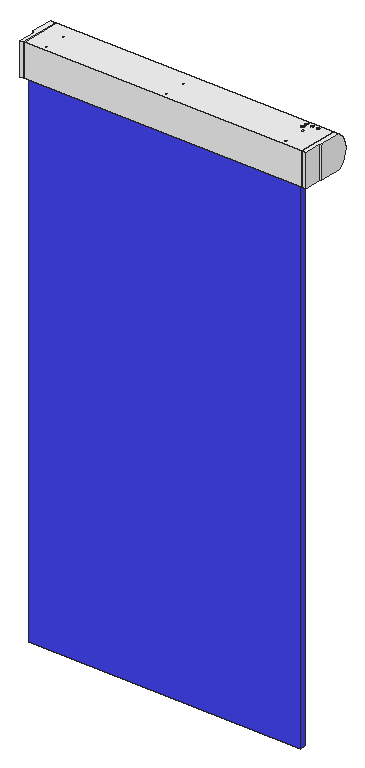
Revit family "Thermoscreens_AirCurtain_PHV2000NT", category Mechanical Equipment, Revit 2015
Parameters (values of type "PHV2000W NT (82/71)")
  Y = UnitHeight / 2  # 158.5 mm
  X = UnitLength / 2  # 1100 mm
  Weight = "64kg"
  Warranty = "the unit is covered for 2 years from the date of purchase unless the warranty is made void."
  Version = "1.0"
  UnitWidth = 255 mm
  UnitLength = 2200 mm
  UnitHeight = 317 mm
  URL = "http://www.thermoscreens.com/"
  Type Comments = "n/a"
  TempertureClassification = "Low temperture"
  Supply(50Hz) = "230V~1P&N"
  RightHand = no
  ProductURL = "http://www.thermoscreens.com/our-air-curtain-range/air-curtain-phv-"
  Model = "PHV2000 WNT (82/71)"
  MaxiumMountingHeight = "maxium mounting height upto 4m"
  Max.Velocity(m/s) = "11"
  Max.AirVolume(m3/h) = "5760"
  Material = "20g bondcoat"
  Manufacturer = "Thermoscreens ltd"
  Loading(A)*PerPhase = "2.7"
  LeftHand = yes
  Keynote = "n/a"
  Help = "http://www.thermoscreens.com/contact-us"
  HeatSource = "Electric heated element or low pressure wait coil"
  Heat Output = "24"
  Finish = "pre painted RAL9010"
  Description = "Thermoscreens PHV range of air curtains will provide climate separation and available in standard widths of 1, 1.5 and 2m.  Models available are ambient (without heating), electrical or water heated versions. Water heated (LPHW) versions are available with 2 and 3 row coils. Motorised three port valves are supplied as standard with all LPHW models. Electrical and LPHW models are supplied complete with Ecopower control."
  Cost = 0
  Author = "Thermoscreens ltd"
  Assembly Code = "n/a"
  **dB(A)@3mMed = "59"
  **dB(A)@3mLow = "58"
  **dB(A)@3mHigh = "61"
Types (5, lengths in mm): name | Weight | Supply(50Hz) | Model | Max.Velocity(m/s) | Loading(A)*PerPhase | Heat Output
  (no name) | "64kg" | "230V~1P&N" | "PHV2000 WNT (82/71)" | "11" | "2.7" | "24"
  PHV2000E NT | "62kg" | "400V~3P&N" | "PHV2000 ENT" | "12.0" | "37.5" | "12-24(kW)"
  PHV2000A NT | "58kg" | "230V~1P&N" | "PHV2000 ANT" | "12.0" | "2.7" | "N/A"
  PHV2000W NT (82/71) | "64kg" | "230V~1P&N" | "PHV2000 WNT (82/71)" | "11" | "2.7" | "24"
  PHV2000W NT (60/40) | "64kg" | "230V~1P&N" | "PHV2000 WNT (60/40)" | "11" | "2.7" | "24"
Reference planes
  plane 1 "Center (Front/Back)": y = 0
  plane 2: z = 0
  plane 3 "Center (Left/Right)": x = 0
Forms (mm)
  Extrusion 1, solid, material "Default"
    sketch origin (0, 0, 0) x (1, 0, 0) y (0, 1, 0)
      loop
        line (-1100, 158.5) -> (-1100, -158.5) -> (1100, -158.5) -> (1100, 158.5) -> (-1100, 158.5)
    from 0 to -0.9
  Extrusion 2, solid, material "Default"
    sketch origin (1100, -158.5, 0) x (-1, 0, 0) y (0, 0, -1)
      loop
        line (2200, 0.9) -> (0, 0.9) -> (0, -254.1) -> (2200, -254.1) -> (2200, 0.9)
    from 0 to 0.9
  Extrusion 3, solid, material "Default"
    sketch origin (-1100, -157.6, 254.1) x (1, 0, 0) y (0, 1, 0)
      loop
        line (0, -0.9) -> (2200, -0.9) -> (2200, 316.1) -> (0, 316.1) -> (0, -0.9)
    from 0 to -0.9
  Extrusion 4, solid, material "Default"
    sketch origin (1100, -158.5, 254.1) x (0, 1, 0) y (0, 0, 1)
      loop
        line (317, 0) -> (317, -255) -> (347, -220)
        arc (347, -220) -> (377, -127.5) -> (347, -35) r 157.604
        line (347, -35) -> (317, 0)
    from 0 to -2200
  Extrusion 5, solid, material "Default"
    sketch origin (1100, -158.5, 254.1) x (0, 0, -1) y (0, 1, 0)
      loop
        line (35, 347) -> (0, 317) -> (0, -0.9) -> (255, -0.9) -> (255, 317) -> (220, 347)
        arc (220, 347) -> (127.5, 377) -> (35, 347) r 157.604
    from 0 to 30
  Extrusion 6, solid, material "Default"
    sketch origin (1130, -158.5, 254.1) x (0, 0, -1) y (0, 1, 0)
      loop
        line (255, 317) -> (220, 347)
        arc (220, 347) -> (127.5, 377) -> (35, 347) r 157.604
        line (35, 347) -> (0, 317) -> (0, 129.1) -> (255, 129.1) -> (255, 317)
    from 0 to 13
  Extrusion 7, void
    sketch origin (1130, 158.5, 254.1) x (1, 0, 0) y (0, -1, 0)
      loop
        line (0, 187.9) -> (13, 174.9) -> (13, 187.9) -> (0, 187.9)
    from 0 to 255
  Extrusion 8, solid, material "Default"
    sketch origin (-1100, -158.5, -0.9) x (0, 0, 1) y (0, 1, 0)
      loop
        line (35, 347) -> (0, 317) -> (0, -0.9) -> (255, -0.9) -> (255, 317) -> (220, 347)
        arc (220, 347) -> (127.5, 377) -> (35, 347) r 157.604
    from 0 to 30
  Extrusion 9, solid, material "Default"
    sketch origin (-1130, -158.5, -0.9) x (0, 0, 1) y (0, 1, 0)
      loop
        line (255, 317) -> (220, 347)
        arc (220, 347) -> (127.5, 377) -> (35, 347) r 157.604
        line (35, 347) -> (0, 317) -> (0, 129.1) -> (255, 129.1) -> (255, 317)
    from 0 to 13
  Extrusion 10, void
    sketch origin (-1130, -29.4, 254.1) x (-1, 0, 0) y (0, 1, 0)
      loop
        line (0, 0) -> (13, 0) -> (13, 13) -> (0, 0)
    from 0 to 255
  Extrusion 11, void
    sketch origin (0, 0, -0.9) x (1, 0, 0) y (0, 1, 0)
      loop
        line (1080, -139.4) -> (1080, -99.4) -> (-1080, -99.4) -> (-1080, -139.4) -> (1080, -139.4)
    from 0 to 0.9
  Extrusion 12, solid, material "Default New Material"
    sketch origin (-1100, -158.5, -0.9) x (0, -1, 0) y (-1, 0, 0)
      loop
        line (-59.1, -2180) -> (-19.1, -2180) -> (-19.1, -20) -> (-59.1, -20) -> (-59.1, -2180)
    from 0 to 4000
  Extrusion 13, void
    sketch origin (-1100, -158.5, 254.1) x (0, 1, 0) y (1, 0, 0)
      loop
        circle (280, 2015) r 12.5
      loop
        circle (242, 2015) r 12.5
      loop
        circle (280, 2105) r 10
      loop
        circle (280, 2060) r 10
      loop
        circle (203.1, 2045) r 5
      loop
        circle (35.1, 2045) r 5
      loop
        circle (35.1, 1097) r 5
      loop
        circle (203.1, 1097) r 5
      loop
        circle (35.1, 149) r 5
      loop
        circle (203.1, 149) r 5
    from 0 to 0.9
Cuts and joins
  Extrusion 11, Extrusion 13 cuts Extrusion 1
  Extrusion 11, Extrusion 13 cuts Extrusion 2
  Extrusion 11, Extrusion 13 cuts Extrusion 3
  joined: Extrusion 1, Extrusion 2, Extrusion 3
  Extrusion 7 cuts Extrusion 6
  joined: Extrusion 5, Extrusion 6
  Extrusion 10 cuts Extrusion 9
  joined: Extrusion 8, Extrusion 9
Dimensions and locks
  "X": Extrusion 1 sketch curve to plane 3 "Center (Left/Right)"
  "UnitLength": Extrusion 1 sketch curve to Extrusion 1 sketch curve
  "UnitHeight": Extrusion 1 sketch curve to Extrusion 1 sketch curve
  "Y": Extrusion 1 sketch curve to plane 1 "Center (Front/Back)"
  "UnitWidth": Extrusion 2 sketch curve to Extrusion 1
  aligned and locked: level to plane 2
Automatic sketch dimensions
  Extrusion 3 sketch curve to Extrusion 2 = 0 mm  (x2)
  Extrusion 2 to Extrusion 3 sketch curve = 0.9 mm
  Extrusion 3 sketch curve to Extrusion 2 = 317 mm
  Extrusion 2 sketch curve to Extrusion 1 = 0 mm  (x3)
  Extrusion 4 sketch curve to Extrusion 3 = 0 mm
  Extrusion 3 to Extrusion 4 sketch curve = 30 mm  (x2)
  Extrusion 4 sketch curve to Extrusion 4 sketch curve = 92.5 mm
  Extrusion 4 sketch curve to Extrusion 3 = 34.1 mm
  Extrusion 3 to Extrusion 4 sketch curve = 0 mm
  Extrusion 4 sketch curve to Extrusion 4 sketch curve = 35 mm
  Extrusion 4 sketch curve to Extrusion 3 = 97.604 mm
  Extrusion 2 to Extrusion 5 sketch curve = 0 mm
  Extrusion 5 sketch curve to Extrusion 2 = 35 mm  (x2)
  Extrusion 5 sketch curve to Extrusion 2 = 127.5 mm
  Extrusion 5 sketch curve to Extrusion 2 = 219.396 mm
  Extrusion 5 sketch curve to Extrusion 5 sketch curve = 127.604 mm
  Extrusion 5 sketch curve to Extrusion 5 sketch curve = 30 mm  (x2)
  Extrusion 5 sketch curve to Extrusion 2 = 0 mm  (x2)
  Extrusion 6 sketch curve to Extrusion 5 = 0 mm  (x4)
  Extrusion 5 to Extrusion 6 sketch curve = 0 mm  (x2)
  Extrusion 6 sketch curve to Extrusion 5 = 130 mm
  Extrusion 7 sketch curve to Extrusion 6 = 0 mm  (x2)
  Extrusion 6 to Extrusion 7 sketch curve = 0 mm
  Extrusion 7 sketch curve to Extrusion 6 = 13 mm
  Extrusion 8 sketch curve to Extrusion 2 = 0 mm  (x2)
  Extrusion 8 sketch curve to Extrusion 2 = 35 mm
  Extrusion 2 to Extrusion 8 sketch curve = 127.5 mm
  Extrusion 8 sketch curve to Extrusion 2 = 219.396 mm
  Extrusion 8 sketch curve to Extrusion 8 sketch curve = 127.604 mm
  Extrusion 2 to Extrusion 8 sketch curve = 35 mm
  Extrusion 8 sketch curve to Extrusion 8 sketch curve = 30 mm  (x2)
  Extrusion 2 to Extrusion 8 sketch curve = 0 mm
  Extrusion 8 to Extrusion 9 sketch curve = 0 mm
  Extrusion 9 sketch curve to Extrusion 8 = 0 mm  (x5)
  Extrusion 9 sketch curve to Extrusion 8 = 130 mm
  Extrusion 10 sketch curve to Extrusion 9 = 0 mm  (x3)
  Extrusion 9 to Extrusion 10 sketch curve = 13 mm
  Extrusion 1 to Extrusion 11 sketch curve = 20 mm  (x2)
  Extrusion 1 to Extrusion 11 sketch curve = 19.1 mm
  Extrusion 11 sketch curve to Extrusion 11 sketch curve = 40 mm
  Extrusion 12 sketch curve to Extrusion 2 = 20 mm  (x2)
  Extrusion 2 to Extrusion 12 sketch curve = 59.1 mm
  Extrusion 2 to Extrusion 12 sketch curve = 19.1 mm
  Extrusion 13 sketch curve to Extrusion 2 = 35.1 mm  (x3)
  Extrusion 13 sketch curve to Extrusion 13 sketch curve = 168 mm  (x3)
  Extrusion 13 sketch curve to Extrusion 13 sketch curve = 38.9 mm
  Extrusion 13 sketch curve to Extrusion 13 sketch curve = 76.9 mm
  Extrusion 13 sketch curve to Extrusion 13 sketch curve = 38 mm
  Extrusion 13 sketch curve to Extrusion 13 sketch curve = 0 mm  (x3)
  Extrusion 2 to Extrusion 13 sketch curve = 95 mm
  Extrusion 13 sketch curve to Extrusion 13 sketch curve = 45 mm
  Extrusion 13 sketch curve to Extrusion 13 sketch curve = 15 mm
  Extrusion 2 to Extrusion 13 sketch curve = 155 mm
  Extrusion 13 sketch curve to Extrusion 13 sketch curve = 30 mm
  Extrusion 13 sketch curve to Extrusion 13 sketch curve = 918 mm
  Extrusion 13 sketch curve to Extrusion 2 = 149 mm  (x2)
  radius of Extrusion 6 sketch curve to Extrusion 5 = 0 mm
  radius of Extrusion 9 sketch curve to Extrusion 8 = 0 mm
  radius of Extrusion 13 sketch curve = 12.5 mm  (x2)
  radius of Extrusion 13 sketch curve = 10 mm  (x2)
  radius of Extrusion 13 sketch curve = 5 mm  (x6)
Connectors
  electrical at (960, 121.5, 254.1)
    settings: on cut or joined group of Extrusion 1, Extrusion 2, Extrusion 3, Extrusion 11, Extrusion 13, index 1, voltage 0 V, apparent load 0 VA, apparent load phase1 0 VA, apparent load phase2 0 VA, apparent load phase3 0 VA, power factor 1, load classification "Other", number of poles 1, system type 31, power factor state 1, is connector primary yes, connector utility no, sub classification motor no, connector description ""
  electrical at (1005, 121.5, 254.1)
    settings: on cut or joined group of Extrusion 1, Extrusion 2, Extrusion 3, Extrusion 11, Extrusion 13, index 2, voltage 0 V, apparent load 0 VA, apparent load phase1 0 VA, apparent load phase2 0 VA, apparent load phase3 0 VA, power factor 1, load classification "Other", number of poles 1, system type 31, power factor state 1, is connector primary no, connector utility no, sub classification motor no, connector description ""
  piping at (915, 83.5, 254.1), diameter 25
    settings: on cut or joined group of Extrusion 1, Extrusion 2, Extrusion 3, Extrusion 11, Extrusion 13, index 3, connector inside diameter 609.6 mm, connector length 0 mm, flow factor 0, pipe flow 0.0 L/s, pressure drop 0.0 Pa, fitting loss kfactor 0, connector angle 0.00°, fixture units 0, engagement length 0 mm, angle of deflection 0.00°, flow configuration 0, flow direction 2, fitting loss method 0, system type 19, joint type 0, gender type 0, connector reference index -1, connector utility 0, adjustable connector no, is connector primary yes, connector description ""
  piping at (915, 121.5, 254.1), diameter 25
    settings: on cut or joined group of Extrusion 1, Extrusion 2, Extrusion 3, Extrusion 11, Extrusion 13, index 4, connector inside diameter 609.6 mm, connector length 0 mm, flow factor 0, pipe flow 0.0 L/s, pressure drop 0.0 Pa, fitting loss kfactor 0, connector angle 0.00°, fixture units 0, engagement length 0 mm, angle of deflection 0.00°, flow configuration 0, flow direction 1, fitting loss method 4, system type 19, joint type 0, gender type 0, connector reference index -1, connector utility 0, adjustable connector no, is connector primary no, connector description ""
  piping at (945, 44.6, 254.1), diameter 10
    settings: on cut or joined group of Extrusion 1, Extrusion 2, Extrusion 3, Extrusion 11, Extrusion 13, index 5, connector inside diameter 609.6 mm, connector length 0 mm, flow factor 0, pipe flow 0.0 L/s, pressure drop 0.0 Pa, fitting loss kfactor 0, connector angle 0.00°, fixture units 0, engagement length 0 mm, angle of deflection 0.00°, flow configuration 0, flow direction 0, fitting loss method 0, system type 28, joint type 0, gender type 0, connector reference index -1, connector utility 0, adjustable connector no, is connector primary no, connector description ""
  piping at (945, -123.4, 254.1), diameter 10
    settings: on cut or joined group of Extrusion 1, Extrusion 2, Extrusion 3, Extrusion 11, Extrusion 13, index 6, connector inside diameter 609.6 mm, connector length 0 mm, flow factor 0, pipe flow 0.0 L/s, pressure drop 0.0 Pa, fitting loss kfactor 0, connector angle 0.00°, fixture units 0, engagement length 0 mm, angle of deflection 0.00°, flow configuration 0, flow direction 0, fitting loss method 0, system type 28, joint type 0, gender type 0, connector reference index -1, connector utility 0, adjustable connector no, is connector primary no, connector description ""
  piping at (-3, -123.4, 254.1), diameter 10
    settings: on cut or joined group of Extrusion 1, Extrusion 2, Extrusion 3, Extrusion 11, Extrusion 13, index 7, connector inside diameter 609.6 mm, connector length 0 mm, flow factor 0, pipe flow 0.0 L/s, pressure drop 0.0 Pa, fitting loss kfactor 0, connector angle 0.00°, fixture units 0, engagement length 0 mm, angle of deflection 0.00°, flow configuration 0, flow direction 0, fitting loss method 0, system type 28, joint type 0, gender type 0, connector reference index -1, connector utility 0, adjustable connector no, is connector primary no, connector description ""
  piping at (-3, 44.6, 254.1), diameter 10
    settings: on cut or joined group of Extrusion 1, Extrusion 2, Extrusion 3, Extrusion 11, Extrusion 13, index 8, connector inside diameter 609.6 mm, connector length 0 mm, flow factor 0, pipe flow 0.0 L/s, pressure drop 0.0 Pa, fitting loss kfactor 0, connector angle 0.00°, fixture units 0, engagement length 0 mm, angle of deflection 0.00°, flow configuration 0, flow direction 0, fitting loss method 0, system type 28, joint type 0, gender type 0, connector reference index -1, connector utility 0, adjustable connector no, is connector primary no, connector description ""
  piping at (-951, -123.4, 254.1), diameter 10
    settings: on cut or joined group of Extrusion 1, Extrusion 2, Extrusion 3, Extrusion 11, Extrusion 13, index 9, connector inside diameter 609.6 mm, connector length 0 mm, flow factor 0, pipe flow 0.0 L/s, pressure drop 0.0 Pa, fitting loss kfactor 0, connector angle 0.00°, fixture units 0, engagement length 0 mm, angle of deflection 0.00°, flow configuration 0, flow direction 0, fitting loss method 0, system type 28, joint type 0, gender type 0, connector reference index -1, connector utility 0, adjustable connector no, is connector primary no, connector description ""
  piping at (-951, 44.6, 254.1), diameter 10
    settings: on cut or joined group of Extrusion 1, Extrusion 2, Extrusion 3, Extrusion 11, Extrusion 13, index 10, connector inside diameter 609.6 mm, connector length 0 mm, flow factor 0, pipe flow 0.0 L/s, pressure drop 0.0 Pa, fitting loss kfactor 0, connector angle 0.00°, fixture units 0, engagement length 0 mm, angle of deflection 0.00°, flow configuration 0, flow direction 0, fitting loss method 0, system type 28, joint type 0, gender type 0, connector reference index -1, connector utility 0, adjustable connector no, is connector primary no, connector description ""
